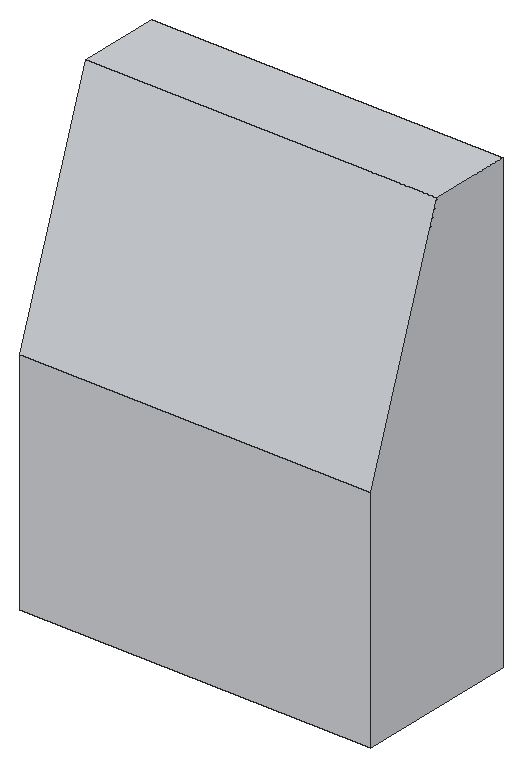
Revit family "01481-S", category Instalační zařizovací předměty, Revit 2016
Family settings
  Typ součásti = Normální
  Kóta kulaté spojky = Použít průměr
  Číslo OmniClass = 23.45.05.00
  Nadpis OmniClass = Sanitary Equipment
  Založené na pracovní rovině = Ne
  Vždy vertikální = Ano
  Ořezat dutým tvarem při načtení = Ne
  Sdílené = Ne
  Bod výpočtu místnosti = Ne
Parameters
  Warranty = "2"
  WIDTH = 218 mm
  WEIGHT = 3.90 kg
  Výrobce = "Nofer"
  Utility frequency = 0
  Surface finish = "Satin"
  Připojení ventilace = no
  Připojení odpadu = no
  Připojení HW = no
  Připojení CW = no
  Power supply = 0 V
  Power input = 0 W
  Noise level = 60
  MATERIAL = none
  IP code = "IPX1"
  HEIGHT = 284 mm
  Electric class = "II"
  DEPTH = 102 mm
  Article number = "01481.S"
  Air temperature [°C] = 60 °C
  Air speed = 65.00 kg/m²
Reference planes
  plane 1 "Střed (vpředu/vzadu)": y = 0
  plane 2: z = 0
  plane 3 "Střed (vlevo/vpravo)": x = 0
  plane 4: z = 0
  plane 5: z = 284
  plane 6: y = -102
  plane 7: x = 109
  plane 8: x = -109
  plane 9: z = 142
  plane 10: y = -51
Forms (mm)
  Extrusion 1, solid, material <- "MATERIAL", detail levels medium+fine
    sketch origin (0, 0, 0) x (0, 1, 0) y (0, 0, 1)
      loop
        line (0, 284) -> (-51, 284) -> (-102, 142) -> (-102, 0) -> (0, 0) -> (0, 284)
    from -109 to 109
  Extrusion 2, solid, material <- "MATERIAL", detail levels coarse
    sketch origin (0, 0, 0) x (0, 1, 0) y (0, 0, 1)
      loop
        line (0, 284) -> (-102, 284) -> (-102, 0) -> (0, 0) -> (0, 284)
    from -109 to 109
Dimensions and locks
  equal spacing: plane 8, plane 3 "Střed (vlevo/vpravo)", plane 7
  "WIDTH": plane 8 to plane 7
  "DEPTH": plane 6 to plane 1 "Střed (vpředu/vzadu)"
  equal spacing: plane 5, plane 9, plane 4
  equal spacing: plane 1 "Střed (vpředu/vzadu)", plane 10, plane 6
  "DEPTH": plane 1 "Střed (vpředu/vzadu)" to plane 6
  "HEIGHT": plane 5 to level
  aligned and locked: level to plane 2
  aligned and locked: plane 5 to Extrusion 1 sketch curve
  aligned and locked: Extrusion 1 sketch curve to plane 1 "Střed (vpředu/vzadu)"
  aligned and locked: Extrusion 1 sketch curve to plane 4
  aligned and locked: Extrusion 1 sketch curve to plane 6
  aligned and locked: plane 10 to Extrusion 1 sketch curve
  aligned and locked: plane 9 to Extrusion 1 sketch curve
  aligned and locked: Extrusion 1 to plane 8
  aligned and locked: plane 7 to Extrusion 1
  aligned and locked: Extrusion 2 to plane 8
  aligned and locked: plane 7 to Extrusion 2
  aligned and locked: Extrusion 2 to level
Automatic sketch dimensions
  Extrusion 2 sketch curve to plane 5 = 0 mm
  Extrusion 2 sketch curve to plane 6 = 0 mm
  Extrusion 2 sketch curve to plane 1 "Střed (vpředu/vzadu)" = 0 mm
  level to Extrusion 2 sketch curve = 0 mm
